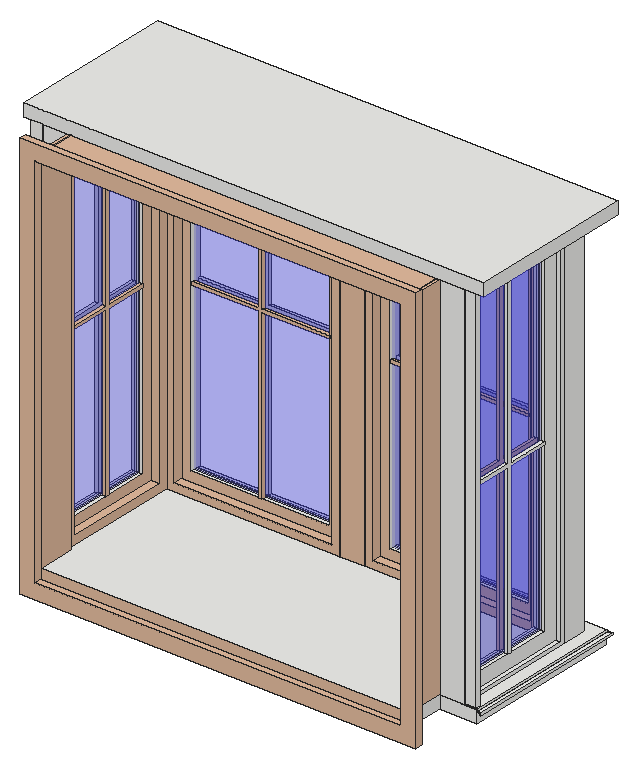
Revit family "M_Janela-compartimento-batente-caixa-ângulo de 90 graus", category Janelas, Revit 2019
Family settings
  Hospedeiro = Parede
  Número OmniClass = 23.30.20.21.11.11
  Título OmniClass = Bay Windows
  Sempre na vertical = Sim
  Corte com vazios quando carregada = Não
  Compartilhado = Não
  Ponto de cálculo do ambiente = Não
Parameters (values of type "1500 x 1500 x 600mm")
  Width = 1500 mm
  Espessura da parede [instance] = 150 mm
  Visual Light Transmittance = 0.9
  Largura da apara = Width + 203.2 mm  # 1703.2 mm
  Altura da moldura = Height  # 1500 mm
  Resistência térmica (R) = 0.271104 (m²·K)/W
  Solar Heat Gain Coefficient = 0.86
  Rough Width = Width + 15 mm  # 1515 mm
  Rough Height = Height + 15 mm  # 1515 mm
  Visibilidade do montante = yes
  Padrão do montante = M_Padrão do montante_2x2 : M_Padrão do montante_2x2
  Visibilidade do recorte interior [instance] = yes
  Material da apara interior = Madeira – Manchada
  Altura 1 = Height + 50.8 mm  # 1550.8 mm
  Height = 1500 mm
  Coeficiente de transferência de calor (U) = 3.6886 W/(m²·K)
  Classificação de incêndio = "0.5h"
  Visibilidade da apara externa [instance] = yes
  Material da apara externa = Revestimento – Branco
  Apara externa = M_Moldura-janela-compartimento-exterior-plana : com peitoril
  Linear = 600 mm
  Recorte interior = M_Moldura-janela-interior-plana : Quadro
  Material da moldura interior = Madeira – Manchada
  Material do painel de vidro = Vidro
  Material da moldura exterior = Revestimento – Branco
  Altura-padrão do peitoril = 600 mm
  Fechamento da parede = Por hospedeiro
  Código de montagem = "B2020100"
  Construção analítica = "Vidraça única Pilkington 1/8 pol"
Reference planes
  plane 1 "Centro (Frente/Trás)": y = 0
  plane 2: z = 0
  plane 3 "Centro (Esquerda/Direita)": x = 0
  plane 4 "Esquerda": x = -750
  plane 5 "Direita": x = 750
  plane 6 "Peitoril": z = 600
  plane 7 "Superior": z = 2150.8
  plane 8: y = 675
  plane 9 "Exterior": y = 75
  plane 10 "Interior": y = -75
  plane 11: z = 650.8
  plane 12: x = -851.6
  plane 13: x = 851.6
  plane 14: x = -788.1
  plane 15: x = 788.1
  plane 16: z = 2201.6
  plane 17: y = 573.4
  plane 18: x = -50.8
  plane 19: x = 50.8
  plane 20: x = -737.3
  plane 21: x = -63.5
  plane 22: x = 737.3
  plane 23: x = 718.25
  plane 24: y = 611.5
  plane 25: y = 655.95
  plane 26: x = 680.15
  plane 27: x = 63.5
  plane 28: x = -82.55
  plane 29: x = -718.25
  plane 30: y = 106.75
  plane 31: y = 87.7
  plane 32: y = 144.85
  plane 33: x = -832.55
  plane 34: y = 643.25
  plane 35: y = 636.9
  plane 36: y = 630.55
  plane 37: y = 624.2
  plane 38: x = -819.85
  plane 39: x = -813.5
  plane 40: x = -807.15
  plane 41: x = -800.8
  plane 42: x = 832.55
  plane 43: x = 819.85
  plane 44: x = 813.5
  plane 45: x = 807.15
  plane 46: x = 800.8
  plane 47: z = 1375.4
  plane 48: y = 633.725
  plane 49: x = -810.325
  plane 50: x = 810.325
  plane 51: z = 1400.8
  plane 52: z = 2138.1
  plane 53: x = 120.65
  plane 54: x = -120.65
  plane 55: x = -680.15
  plane 56: z = 2080.95
  plane 57: y = 503.55
  plane 58: y = 633.725
Forms (mm)
  Extrusion 1, solid, material "Revestimento – Branco" <- "Material da moldura exterior"
    sketch origin (0, 0, 600) x (0, -1, 0) y (1, 0, 0)
      loop
        line (-725.8, -902.4) -> (-75, -902.4) -> (-75, -750) -> (75, -750) -> (75, 750) -> (-75, 750) -> (-75, 902.4) -> (-725.8, 902.4) -> (-725.8, -902.4)
    from 0 to 50.8
  Extrusion 2, solid, material "Revestimento – Branco" <- "Material da moldura exterior"
    sketch origin (0, 0, 600) x (0, -1, 0) y (1, 0, 0)
      loop
        line (-751.2, -927.8) -> (-75, -927.8) -> (-75, 927.8) -> (-751.2, 927.8) -> (-751.2, -927.8)
    from 1550.8 to 1601.6
  Extrusion 3, solid, material "Revestimento – Branco" <- "Material da moldura exterior"
    sketch origin (0, 0, 600) x (0, -1, 0) y (1, 0, 0)
      loop
        line (-675, -851.6) -> (-573.4, -851.6) -> (-573.4, -750) -> (-675, -750) -> (-675, -851.6)
      loop
        line (-675, 750) -> (-573.4, 750) -> (-573.4, 851.6) -> (-675, 851.6) -> (-675, 750)
    from 50.8 to 1550.8
  Extrusion 4, solid, material "Revestimento – Branco" <- "Material da moldura exterior"
    sketch origin (0, 0, 600) x (0, -1, 0) y (1, 0, 0)
      loop
        line (-675, -50.8) -> (-573.4, -50.8) -> (-573.4, 50.8) -> (-675, 50.8) -> (-675, -50.8)
    from 50.8 to 1550.8
  Sweep 5, solid, material "Revestimento – Branco" <- "Material da moldura exterior"
    path origin (0, 0, 0) x (1, 0, 0) y (0, 0, 1)
      loop
        line (750, 650.8) -> (750, 2150.8) -> (50.8, 2150.8) -> (50.8, 650.8) -> (750, 650.8)
    profile origin (750, 0, 1400.8) x (-1, 0, 0) y (0, -1, 0)
      loop
        line (0, -675) -> (12.7, -675) -> (12.7, -611.5) -> (31.75, -611.5) -> (31.75, -573.4) -> (0, -573.4) -> (0, -675)
  Sweep 6, solid, material "Revestimento – Branco" <- "Material da moldura exterior"
    path origin (0, 0, 0) x (1, 0, 0) y (0, 0, 1)
      loop
        line (737.3, 2138.1) -> (63.5, 2138.1) -> (63.5, 663.5) -> (737.3, 663.5) -> (737.3, 2138.1)
    profile origin (737.3, 0, 1400.8) x (0, -1, 0) y (1, 0, 0)
      loop
        line (-655.95, 0) -> (-655.95, -57.15) -> (-611.5, -57.15) -> (-611.5, 0) -> (-655.95, 0)
  Sweep 7, solid, material "Revestimento – Branco" <- "Material da moldura exterior"
    path origin (0, 0, 0) x (1, 0, 0) y (0, 0, 1)
      loop
        line (-50.8, 2150.8) -> (-750, 2150.8) -> (-750, 650.8) -> (-50.8, 650.8) -> (-50.8, 2150.8)
    profile origin (-50.8, 0, 1400.8) x (0, -1, 0) y (1, 0, 0)
      loop
        line (-675, -12.7) -> (-611.5, -12.7) -> (-611.5, -31.75) -> (-573.4, -31.75) -> (-573.4, 0) -> (-675, 0) -> (-675, -12.7)
  Sweep 8, solid, material "Revestimento – Branco" <- "Material da moldura exterior"
    path origin (0, 0, 0) x (1, 0, 0) y (0, 0, 1)
      loop
        line (-63.5, 663.5) -> (-63.5, 2138.1) -> (-737.3, 2138.1) -> (-737.3, 663.5) -> (-63.5, 663.5)
    profile origin (-63.5, 0, 1400.8) x (-1, 0, 0) y (0, -1, 0)
      loop
        line (0, -655.95) -> (57.15, -655.95) -> (57.15, -611.5) -> (0, -611.5) -> (0, -655.95)
  Sweep 9, solid, material "Revestimento – Branco" <- "Material da moldura exterior"
    path origin (-750, 0, 0) x (0, -1, 0) y (0, 0, 1)
      loop
        line (-75, 650.8) -> (-75, 2150.8) -> (-573.4, 2150.8) -> (-573.4, 650.8) -> (-75, 650.8)
    profile origin (-750, 75, 1400.8) x (0, 1, 0) y (-1, 0, 0)
      loop
        line (12.7, 101.6) -> (0, 101.6) -> (0, 0) -> (31.75, 0) -> (31.75, 38.1) -> (12.7, 38.1) -> (12.7, 101.6)
  Sweep 10, solid, material "Revestimento – Branco" <- "Material da moldura exterior"
    path origin (-750, 0, 0) x (0, -1, 0) y (0, 0, 1)
      loop
        line (-560.7, 663.5) -> (-87.7, 663.5) -> (-87.7, 2138.1) -> (-560.7, 2138.1) -> (-560.7, 663.5)
    profile origin (-750, 560.7, 1400.8) x (0, 1, 0) y (-1, 0, 0)
      loop
        line (-57.15, 82.55) -> (-57.15, 38.1) -> (0, 38.1) -> (0, 82.55) -> (-57.15, 82.55)
  Sweep 11, solid, material "Revestimento – Branco" <- "Material da moldura exterior"
    path origin (750, 0, 0) x (0, -1, 0) y (0, 0, 1)
      loop
        line (-75, 650.8) -> (-75, 2150.8) -> (-573.4, 2150.8) -> (-573.4, 650.8) -> (-75, 650.8)
    profile origin (750, 75, 1400.8) x (0, 1, 0) y (-1, 0, 0)
      loop
        line (31.75, 0) -> (0, 0) -> (0, -101.6) -> (12.7, -101.6) -> (12.7, -38.1) -> (31.75, -38.1) -> (31.75, 0)
  Sweep 12, solid, material "Revestimento – Branco" <- "Material da moldura exterior"
    path origin (750, 0, 0) x (0, -1, 0) y (0, 0, 1)
      loop
        line (-560.7, 663.5) -> (-87.7, 663.5) -> (-87.7, 2138.1) -> (-560.7, 2138.1) -> (-560.7, 663.5)
    profile origin (750, 560.7, 1400.8) x (0, 1, 0) y (-1, 0, 0)
      loop
        line (0, -38.1) -> (-57.15, -38.1) -> (-57.15, -82.55) -> (0, -82.55) -> (0, -38.1)
  Extrusion 13, solid, material "Vidro" <- "Material do painel de vidro"
    sketch origin (0, 0, 600) x (0, -1, 0) y (1, 0, 0)
      loop
        line (-643.25, -680.15) -> (-636.9, -680.15) -> (-636.9, -120.65) -> (-643.25, -120.65) -> (-643.25, -680.15)
      loop
        line (-630.55, -680.15) -> (-624.2, -680.15) -> (-624.2, -120.65) -> (-630.55, -120.65) -> (-630.55, -680.15)
    from 120.65 to 1480.95
  Extrusion 14, solid, material "Vidro" <- "Material do painel de vidro"
    sketch origin (0, 0, 600) x (0, -1, 0) y (1, 0, 0)
      loop
        line (-643.25, 120.65) -> (-636.9, 120.65) -> (-636.9, 680.15) -> (-643.25, 680.15) -> (-643.25, 120.65)
      loop
        line (-630.55, 120.65) -> (-624.2, 120.65) -> (-624.2, 680.15) -> (-630.55, 680.15) -> (-630.55, 120.65)
    from 120.65 to 1480.95
  Extrusion 15, solid, material "Vidro" <- "Material do painel de vidro"
    sketch origin (0, 0, 600) x (0, -1, 0) y (1, 0, 0)
      loop
        line (-503.55, -819.85) -> (-144.85, -819.85) -> (-144.85, -813.5) -> (-503.55, -813.5) -> (-503.55, -819.85)
      loop
        line (-503.55, -807.15) -> (-144.85, -807.15) -> (-144.85, -800.8) -> (-503.55, -800.8) -> (-503.55, -807.15)
    from 120.65 to 1480.95
  Extrusion 16, solid, material "Vidro" <- "Material do painel de vidro"
    sketch origin (0, 0, 600) x (0, -1, 0) y (1, 0, 0)
      loop
        line (-503.55, 813.5) -> (-144.85, 813.5) -> (-144.85, 819.85) -> (-503.55, 819.85) -> (-503.55, 813.5)
      loop
        line (-503.55, 800.8) -> (-144.85, 800.8) -> (-144.85, 807.15) -> (-503.55, 807.15) -> (-503.55, 800.8)
    from 120.65 to 1480.95
  Sweep 17, solid, material "Revestimento – Branco" <- "Material da moldura exterior"
    path origin (965.2, 0, 0) x (1, 0, 0) y (0, 0, 1)
      loop
        line (-215.2, 2150.8) -> (-914.4, 2150.8) -> (-914.4, 650.8) -> (-215.2, 650.8) -> (-215.2, 2150.8)
    profile origin (750, 0, 1400.8) x (0, -1, 0) y (1, 0, 0)
      loop
        line (-675, -12.7) -> (-611.5, -12.7) -> (-611.5, -31.75) -> (-573.4, -31.75) -> (-573.4, 0) -> (-675, 0) -> (-675, -12.7)
  Sweep 18, solid, material "Revestimento – Branco" <- "Material da moldura exterior"
    path origin (965.2, 0, 0) x (1, 0, 0) y (0, 0, 1)
      loop
        line (-215.2, 2150.8) -> (-914.4, 2150.8) -> (-914.4, 650.8) -> (-215.2, 650.8) -> (-215.2, 2150.8)
    profile origin (750, 0, 1400.8) x (0, -1, 0) y (1, 0, 0)
      loop
        line (-675, -12.7) -> (-611.5, -12.7) -> (-611.5, -31.75) -> (-573.4, -31.75) -> (-573.4, 0) -> (-675, 0) -> (-675, -12.7)
  Sweep 19, solid, material "Revestimento – Branco" <- "Material da moldura exterior"
    path origin (750, 0, 0) x (0, -1, 0) y (0, 0, 1)
      loop
        line (-75, 650.8) -> (-75, 2150.8) -> (-573.4, 2150.8) -> (-573.4, 650.8) -> (-75, 650.8)
    profile origin (750, 75, 1400.8) x (0, 1, 0) y (-1, 0, 0)
      loop
        line (31.75, 0) -> (0, 0) -> (0, -101.6) -> (12.7, -101.6) -> (12.7, -38.1) -> (31.75, -38.1) -> (31.75, 0)
  Extrusion 20, solid, material "Madeira – Manchada" <- "Material da moldura interior", visible <- "Visibilidade do recorte interior"
    sketch origin (0, 0, 600) x (0, -1, 0) y (1, 0, 0)
      loop
        line (-75, -750) -> (75, -750) -> (75, -737.3) -> (-75, -737.3) -> (-75, -750)
      loop
        line (-75, 750) -> (-75, 737.3) -> (75, 737.3) -> (75, 750) -> (-75, 750)
    from 50.8 to 1550.8
  Extrusion 21, solid, material "Madeira – Manchada" <- "Material da moldura interior", visible <- "Visibilidade do recorte interior"
    sketch origin (0, 0, 600) x (0, -1, 0) y (1, 0, 0)
      loop
        line (75, -737.3) -> (75, 737.3) -> (-573.4, 737.3) -> (-573.4, -737.3) -> (75, -737.3)
    from 1538.1 to 1550.8
Lines and regions (mm)
  Opening 1
    outline origin (-1192.978, -75, 0) x (1, 0, 0) y (0, 0, 1)
      loop
        line (442.978, 2150.8) -> (442.978, 600) -> (1942.978, 600) -> (1942.978, 2150.8) -> (442.978, 2150.8)
  Split face 1
    outline origin (0, 0, 650.8) x (0, -1, 0) y (1, 0, 0)
      loop
        line (-75, -851.6) -> (-675, -851.6) -> (-675, 851.6) -> (-75, 851.6)
  Split face 2
    outline origin (832.55, 503.55, 720.65) x (0, 0, 1) y (-1, 0, 0)
      loop
        line (1360.3, 31.75) -> (0, 31.75)
  Split face 3
    outline origin (832.55, 144.85, 720.65) x (0, 1, 0) y (-1, 0, 0)
      loop
        line (358.7, 31.75) -> (0, 31.75)
  Split face 4
    outline origin (832.55, 144.85, 2080.95) x (0, 0, -1) y (-1, 0, 0)
      loop
        line (0, 31.75) -> (1360.3, 31.75)
  Split face 5
    outline origin (832.55, 503.55, 2080.95) x (-1, 0, 0) y (0, -1, 0)
      loop
        line (31.75, 0) -> (31.75, 358.7)
  Split face 6
    outline origin (-788.1, 503.55, 720.65) x (0, 0, 1) y (-1, 0, 0)
      loop
        line (1360.3, 12.7) -> (0, 12.7)
  Split face 7
    outline origin (-788.1, 144.85, 720.65) x (0, 1, 0) y (-1, 0, 0)
      loop
        line (358.7, 12.7) -> (0, 12.7)
  Split face 8
    outline origin (-788.1, 503.55, 2080.95) x (-1, 0, 0) y (0, -1, 0)
      loop
        line (12.7, 0) -> (12.7, 358.7)
  Split face 9
    outline origin (680.15, 655.95, 2080.95) x (0, 0, -1) y (0, -1, 0)
      loop
        line (0, 31.75) -> (1360.3, 31.75)
  Split face 10
    outline origin (680.15, 655.95, 720.65) x (-1, 0, 0) y (0, -1, 0)
      loop
        line (559.5, 31.75) -> (0, 31.75)
  Split face 11
    outline origin (120.65, 655.95, 720.65) x (0, 0, 1) y (0, -1, 0)
      loop
        line (1360.3, 31.75) -> (0, 31.75)
  Split face 12
    outline origin (120.65, 655.95, 2080.95) x (0, -1, 0) y (1, 0, 0)
      loop
        line (31.75, 0) -> (31.75, 559.5)
  Split face 13
    outline origin (-680.15, 611.5, 2080.95) x (0, 0, -1) y (0, 1, 0)
      loop
        line (1360.3, 12.7) -> (0, 12.7)
  Split face 14
    outline origin (-120.65, 611.5, 2080.95) x (0, 1, 0) y (-1, 0, 0)
      loop
        line (12.7, 559.5) -> (12.7, 0)
  Split face 15
    outline origin (-120.65, 611.5, 720.65) x (0, 0, 1) y (0, 1, 0)
      loop
        line (1360.3, 12.7) -> (0, 12.7)
  Split face 16
    outline origin (-680.15, 611.5, 720.65) x (1, 0, 0) y (0, 1, 0)
      loop
        line (0, 12.7) -> (559.5, 12.7)
  Masking region 1
    outline origin (0, 0, 600) x (0, -1, 0) y (1, 0, 0)
      loop
        line (-573.4, -750) -> (75, -750) -> (75, 750) -> (-573.4, 750) -> (-573.4, -750)
  Masking region 2
    outline origin (0, 0, 600) x (0, -1, 0) y (1, 0, 0)
      loop
        line (-675, -851.6) -> (-573.4, -851.6) -> (-573.4, -750) -> (-675, -750) -> (-675, -851.6)
      loop
        line (-675, -50.8) -> (-573.4, -50.8) -> (-573.4, 50.8) -> (-675, 50.8) -> (-675, -50.8)
      loop
        line (-675, 750) -> (-573.4, 750) -> (-573.4, 851.6) -> (-675, 851.6) -> (-675, 750)
  Split face 17
    outline origin (0, 0, 2150.8) x (0, -1, 0) y (1, 0, 0)
      loop
        line (-75, -788.1) -> (-573.4, -788.1) -> (-573.4, 750) -> (-75, 750)
  Masking region 3
    outline origin (0, 0, 0) x (0, 1, 0) y (0, 0, 1)
      loop
        line (-75, 2201.6) -> (-75, 2150.8) -> (-75, 650.8) -> (-75, 600) -> (725.8, 600) -> (725.8, 650.8) -> (573.4, 650.8) -> (573.4, 2150.8) -> (751.2, 2150.8) -> (751.2, 2201.6) -> (-75, 2201.6)
  symbolic lines, style "Giro da elevação"
    curve 1: line (63.5, 0, 2138.1) -> (737.3, 0, 1400.8)
    curve 2: line (737.3, 0, 1400.8) -> (63.5, 0, 663.5)
    curve 3: line (-63.5, 0, 2138.1) -> (-737.3, 0, 1400.8)
    curve 4: line (-737.3, 0, 1400.8) -> (-63.5, 0, 663.5)
    curve 5: line (-750, 573.4, 2150.8) -> (-750, 75, 1400.8)
    curve 6: line (-750, 75, 1400.8) -> (-750, 573.4, 650.8)
  symbolic lines, style "WindowsFrameMullionProjection"
    curve 7: line (0, 75, 2150.8) -> (0, 75, 650.8)
    curve 8: line (0, 144.85, 2080.95) -> (0, 503.55, 2080.95)
    curve 9: line (0, 144.85, 720.65) -> (0, 144.85, 2080.95)
    curve 10: line (0, 503.55, 720.65) -> (0, 144.85, 720.65)
    curve 11: line (0, 503.55, 2080.95) -> (0, 503.55, 720.65)
    curve 12: line (0, 573.4, 2150.8) -> (0, -75, 2150.8)
    curve 13: line (0, 573.4, 650.8) -> (0, -75, 650.8)
Text (mm)
  text "EXTERIOR" at (-1490.695, 1293.036, 0), in view "Nível de referência"
  text "INTERIOR" at (-1490.695, -959.266, 0), in view "Nível de referência"
  text "Exterior" at (0, 1108.87, 3129.179), in view "Esquerda"
  text "Exterior" at (0, 464.664, 3176.206), in view "Direita"
Dimensions and locks
  equal spacing: plane 4 "Esquerda", plane 3 "Centro (Esquerda/Direita)", plane 5 "Direita"
  "Width": plane 4 "Esquerda" to plane 5 "Direita"
  "Altura 1": plane 6 "Peitoril" to plane 7 "Superior"
  "Altura-padrão do peitoril": plane 2 to plane 6 "Peitoril"
  "Linear": plane 8 to plane 9 "Exterior"
  locked: plane 6 "Peitoril" to plane 11 at 50.8
  locked: plane 8 to plane 17 at 101.6
  "Espessura da parede": plane 9 "Exterior" to plane 10 "Interior"
  Extrusion 2 sketch curve to plane 12 = 76.2 mm
  plane 13 to Extrusion 2 sketch curve = 76.2 mm
  plane 8 to Extrusion 2 sketch curve = 76.2 mm
  locked: plane 8 to plane 25 at 19.05
  locked: plane 25 to plane 24 at 44.45
  locked: plane 4 "Esquerda" to plane 20 at 12.7
  locked: plane 20 to plane 29 at 19.05
  locked: plane 12 to plane 4 "Esquerda" at 101.6
  locked: plane 30 to plane 9 "Exterior" at 31.75
  locked: plane 31 to plane 9 "Exterior" at 12.7
  locked: plane 32 to plane 31 at 57.15
  locked: plane 33 to plane 14 at 44.45
  equal spacing: plane 18, plane 3 "Centro (Esquerda/Direita)", plane 19
  locked: plane 19 to plane 27 at 12.7
  locked: plane 21 to plane 18 at 12.7
  locked: plane 28 to plane 21 at 19.05
  locked: plane 3 "Centro (Esquerda/Direita)" to plane 19 at 50.8
  locked: plane 5 "Direita" to plane 15 at 38.1
  locked: plane 15 to plane 13 at 63.5
  locked: plane 22 to plane 5 "Direita" at 12.7
  locked: plane 23 to plane 22 at 19.05
  locked: plane 26 to plane 23 at 38.1
  locked: plane 14 to plane 4 "Esquerda" at 38.1
  locked: Sweep 10 sketch curve to plane 14 at 44.45
  locked: Sweep 10 sketch curve to profile plane at 57.15
  locked: plane 25 to plane 34 at 12.7
  locked: plane 34 to plane 35 at 6.35
  locked: plane 35 to plane 36 at 6.35
  locked: plane 36 to plane 37 at 6.35
  Extrusion 14 sketch curve to Extrusion 14 sketch curve to Extrusion 14 sketch curve = 6.35 mm, 6.35 mm
  locked: plane 33 to plane 38 at 12.7
  locked: plane 38 to plane 39 at 6.35
  locked: plane 39 to plane 40 at 6.35
  locked: plane 40 to plane 41 at 6.35
  locked: plane 42 to plane 13 at 19.05
  locked: plane 43 to plane 42 at 12.7
  locked: plane 44 to plane 43 at 6.35
  locked: plane 45 to plane 44 at 6.35
  locked: plane 46 to plane 45 at 6.35
  Extrusion 16 sketch curve to Extrusion 16 sketch curve to Extrusion 16 sketch curve = 6.35 mm, 6.35 mm
  locked: Extrusion 1 sketch curve to plane 12 at 50.8
  locked: plane 8 to Extrusion 1 sketch curve at 50.8
  locked: plane 13 to Extrusion 1 sketch curve at 50.8
  equal spacing: plane 6 "Peitoril", plane 47, plane 7 "Superior"
  equal spacing: plane 35, plane 48, plane 36
  equal spacing: plane 40, plane 49, plane 39
  equal spacing: plane 44, plane 50, plane 45
  locked: plane 7 "Superior" to plane 16 at 50.8
  locked: Extrusion 20 sketch curve to plane 5 "Direita" at 12.7
  locked: Extrusion 21 sketch curve to plane 5 "Direita" at 12.7
  Extrusion 13 to Extrusion 21 = 1417.45 mm
  locked: plane 7 "Superior" to plane 52 at 12.7
  equal spacing: plane 11, plane 51, plane 7 "Superior"
  locked: plane 27 to plane 53 at 57.15
  locked: plane 21 to plane 54 at 57.15
  locked: plane 20 to plane 55 at 57.15
  locked: plane 56 to plane 52 at 57.15
  locked: plane 17 to plane 57 at 69.85
  equal spacing: plane 35, plane 58, plane 36
  aligned and locked: plane 7 "Superior" to Opening 1 sketch curve
  aligned and locked: plane 6 "Peitoril" to Opening 1 sketch curve  (x2)
  aligned and locked: plane 5 "Direita" to Opening 1 sketch curve
  aligned and locked: plane 4 "Esquerda" to Opening 1 sketch curve
  aligned and locked: level to plane 2
  aligned and locked: host wall to plane 9 "Exterior"
  aligned and locked: plane 10 "Interior" to host wall
  aligned and locked: host wall to Extrusion 1 sketch curve
  aligned and locked: plane 11 to Extrusion 1
  aligned and locked: Extrusion 1 sketch curve to plane 9 "Exterior"  (x2)
  aligned and locked: Extrusion 2 to host wall
  aligned and locked: plane 16 to Extrusion 2
  aligned and locked: Extrusion 3 sketch curve to plane 17  (x2)
  aligned and locked: Extrusion 3 sketch curve to plane 4 "Esquerda"
  aligned and locked: plane 8 to Extrusion 3 sketch curve
  aligned and locked: plane 5 "Direita" to Extrusion 3 sketch curve
  aligned and locked: plane 13 to Extrusion 3 sketch curve
  aligned and locked: Extrusion 3 to host wall
  aligned and locked: Extrusion 3 to Extrusion 1
  aligned and locked: plane 8 to Extrusion 4 sketch curve
  aligned and locked: Extrusion 4 sketch curve to plane 18
  aligned and locked: Extrusion 4 sketch curve to plane 17
  aligned and locked: Extrusion 4 sketch curve to plane 19
  aligned and locked: Extrusion 4 to host wall
  aligned and locked: Extrusion 4 to Extrusion 1
  aligned and locked: Extrusion 4 to Sweep 5 sketch curve
  aligned and locked: plane 7 "Superior" to Sweep 5 sketch curve
  aligned and locked: plane 5 "Direita" to Sweep 5 sketch curve
  aligned and locked: Sweep 5 sketch curve to plane 22
  aligned and locked: Sweep 5 sketch curve to plane 23
  aligned and locked: plane 24 to Sweep 5 sketch curve
  aligned and locked: Sweep 5 sketch curve to plane 17
  aligned and locked: plane 8 to Sweep 5 sketch curve
  aligned and locked: Sweep 6 sketch curve to plane 25
  aligned and locked: Sweep 6 sketch curve to plane 22
  aligned and locked: plane 24 to Sweep 6 sketch curve
  aligned and locked: plane 26 to Sweep 6 sketch curve
  aligned and locked: plane 18 to Sweep 7 sketch curve
  aligned and locked: Sweep 7 sketch curve to plane 11
  aligned and locked: plane 4 "Esquerda" to Sweep 7 sketch curve
  aligned and locked: Sweep 7 sketch curve to plane 7 "Superior"
  aligned and locked: plane 8 to Sweep 7 sketch curve
  aligned and locked: Extrusion 4 to Sweep 7 sketch curve
  aligned and locked: Sweep 7 sketch curve to Extrusion 4
  aligned and locked: Sweep 7 sketch curve to plane 28
  aligned and locked: plane 24 to Sweep 7 sketch curve
  aligned and locked: plane 21 to Sweep 7 sketch curve
  aligned and locked: Sweep 8 sketch curve to Sweep 7  (x4)
  aligned and locked: plane 25 to Sweep 8 sketch curve
  aligned and locked: plane 21 to Sweep 8 sketch curve
  aligned and locked: Sweep 8 sketch curve to plane 24
  aligned and locked: host wall to plane 1 "Centro (Frente/Trás)"
  aligned and locked: host wall to Sweep 9 sketch curve
  aligned and locked: Extrusion 1 to Sweep 9 sketch curve
  aligned and locked: Sweep 9 sketch curve to plane 7 "Superior"
  aligned and locked: plane 17 to Sweep 9 sketch curve
  aligned and locked: Extrusion 3 to Sweep 11 sketch curve
  aligned and locked: plane 7 "Superior" to Sweep 11 sketch curve
  aligned and locked: plane 9 "Exterior" to Sweep 11 sketch curve  (x2)
  aligned and locked: Sweep 11 sketch curve to plane 17
  aligned and locked: Sweep 11 sketch curve to plane 5 "Direita"
  aligned and locked: Sweep 11 sketch curve to plane 30
  aligned and locked: plane 15 to Sweep 11 sketch curve
  aligned and locked: Sweep 11 sketch curve to plane 31
  aligned and locked: Sweep 11 sketch curve to plane 13
  aligned and locked: Sweep 6 sketch curve to Sweep 5  (x2)
  aligned and locked: Sweep 6 sketch curve to plane 27
  aligned and locked: plane 22 to Sweep 6 sketch curve
  aligned and locked: Sweep 9 sketch curve to plane 31
  aligned and locked: Sweep 9 sketch curve to plane 30
  aligned and locked: profile plane to Sweep 9 sketch curve
  aligned and locked: plane 14 to Sweep 9 sketch curve
  aligned and locked: Sweep 9 sketch curve to plane 12
  aligned and locked: Sweep 12 sketch curve to plane 15
  aligned and locked: Sweep 5 sketch curve to plane 19
  aligned and locked: plane 14 to Sweep 10 sketch curve
  aligned and locked: Sweep 10 sketch curve to profile plane
  aligned and locked: plane 34 to Extrusion 13 sketch curve
  aligned and locked: Extrusion 13 sketch curve to Sweep 8  (x4)
  aligned and locked: Extrusion 13 sketch curve to plane 35
  aligned and locked: plane 36 to Extrusion 13 sketch curve
  aligned and locked: plane 37 to Extrusion 13 sketch curve
  aligned and locked: plane 34 to Extrusion 14 sketch curve
  aligned and locked: Extrusion 14 sketch curve to Sweep 6  (x2)
  aligned and locked: Extrusion 14 sketch curve to plane 35
  aligned and locked: plane 26 to Extrusion 14 sketch curve  (x2)
  aligned and locked: Extrusion 14 to Sweep 6  (x2)
  aligned and locked: Extrusion 13 to Sweep 8  (x2)
  aligned and locked: Extrusion 15 sketch curve to Sweep 10  (x4)
  aligned and locked: Extrusion 15 sketch curve to plane 38
  aligned and locked: plane 39 to Extrusion 15 sketch curve
  aligned and locked: Extrusion 15 sketch curve to plane 40
  aligned and locked: plane 41 to Extrusion 15 sketch curve
  aligned and locked: Extrusion 15 to Sweep 12  (x2)
  aligned and locked: plane 42 to Sweep 12 sketch curve
  aligned and locked: Extrusion 16 sketch curve to Sweep 12  (x2)
  aligned and locked: Extrusion 16 sketch curve to plane 32  (x2)
  aligned and locked: plane 43 to Extrusion 16 sketch curve
  aligned and locked: plane 45 to Extrusion 16 sketch curve
  aligned and locked: Extrusion 16 to Extrusion 15  (x2)
  aligned and locked: plane 12 to Extrusion 3 sketch curve
  aligned and locked: Extrusion 3 sketch curve to plane 8
  aligned and locked: Sweep 8 to nested 1
  aligned and locked: plane 7 "Superior" to Extrusion 2
  aligned and locked: Extrusion 2 to plane 16
  aligned and locked: Extrusion 16 to nested 2
  aligned and locked: plane 12 to Split face 1 sketch curve
  aligned and locked: Split face 1 sketch curve to plane 8
  aligned and locked: Split face 1 sketch curve to plane 13
  aligned and locked: plane 50 to nested 3
  aligned and locked: nested 2 to plane 49
  aligned and locked: Sweep 10 sketch curve to Sweep 9
  aligned and locked: Extrusion 15 to Sweep 10
  aligned and locked: plane 46 to Split face 2 sketch curve
  aligned and locked: Split face 3 sketch curve to plane 46
  aligned and locked: plane 46 to Split face 4 sketch curve
  aligned and locked: Split face 5 sketch curve to plane 46
  aligned and locked: plane 41 to Split face 6 sketch curve
  aligned and locked: Split face 7 sketch curve to plane 41
  aligned and locked: Split face 8 sketch curve to plane 41
  aligned and locked: plane 37 to Split face 9 sketch curve
  aligned and locked: Split face 10 sketch curve to plane 37
  aligned and locked: plane 37 to Split face 11 sketch curve
  aligned and locked: Split face 12 sketch curve to plane 37
  aligned and locked: Split face 13 sketch curve to plane 37
  aligned and locked: Split face 14 sketch curve to plane 37
  aligned and locked: plane 37 to Split face 15 sketch curve
  aligned and locked: Split face 16 sketch curve to plane 37
  aligned and locked: plane 10 "Interior" to Masking region 1 sketch curve
  aligned and locked: Masking region 1 sketch curve to plane 4 "Esquerda"
  aligned and locked: plane 5 "Direita" to Masking region 1 sketch curve
  aligned and locked: Masking region 1 sketch curve to Sweep 5
  aligned and locked: Masking region 2 sketch curve to Extrusion 1  (x2)
  aligned and locked: Sweep 7 to Masking region 2 sketch curve  (x2)
  aligned and locked: Masking region 2 sketch curve to Sweep 9
  aligned and locked: Masking region 2 sketch curve to Extrusion 4  (x2)
  aligned and locked: Sweep 5 to Masking region 2 sketch curve  (x2)
  aligned and locked: Masking region 2 sketch curve to Extrusion 3  (x2)
  aligned and locked: Masking region 2 sketch curve to Sweep 11
  aligned and locked: Sweep 18 sketch curve to plane 8
  aligned and locked: plane 17 to Sweep 18 sketch curve
  aligned and locked: plane 17 to Sweep 17 sketch curve
  aligned and locked: nested 3 to Extrusion 15
  aligned and locked: plane 14 to Split face 17 sketch curve
  aligned and locked: plane 5 "Direita" to Split face 17 sketch curve
  aligned and locked: Split face 17 sketch curve to plane 17
  aligned and locked: Sweep 18 to Sweep 18
  aligned and locked: Sweep 7 to Sweep 7
  aligned and locked: plane 28 to Sweep 7
  aligned and locked: nested 4 to plane 8
  aligned and locked: nested 4 to Sweep 7  (x2)
  aligned and locked: nested 5 to plane 19
  aligned and locked: nested 5 to Sweep 18
  aligned and locked: plane 8 to nested 5
  aligned and locked: nested 6 to Extrusion 3
  aligned and locked: plane 12 to nested 6
  aligned and locked: host wall to nested 6
  aligned and locked: nested 7 to plane 9 "Exterior"
  aligned and locked: plane 5 "Direita" to nested 7
  aligned and locked: nested 7 to plane 17
  aligned and locked: nested 8 to host wall
  aligned and locked: plane 3 "Centro (Esquerda/Direita)" to nested 8
  aligned and locked: Sweep 19 sketch curve to plane 5 "Direita"
  aligned and locked: Sweep 19 sketch curve to plane 30
  aligned and locked: plane 15 to Sweep 19 sketch curve
  aligned and locked: Sweep 19 sketch curve to plane 31
  aligned and locked: Sweep 19 sketch curve to plane 13
  aligned and locked: plane 9 "Exterior" to Sweep 19 sketch curve
  aligned and locked: plane 11 to nested 8
  aligned and locked: plane 51 to curve 4
  aligned and locked: nested 9 to Extrusion 14
  aligned and locked: plane 20 to Extrusion 20 sketch curve
  aligned and locked: Extrusion 20 sketch curve to plane 4 "Esquerda"
  aligned and locked: Extrusion 20 sketch curve to plane 9 "Exterior"
  aligned and locked: plane 10 "Interior" to Extrusion 20 sketch curve
  aligned and locked: Extrusion 20 sketch curve to plane 5 "Direita"
  aligned and locked: plane 9 "Exterior" to Extrusion 20 sketch curve
  aligned and locked: Extrusion 20 sketch curve to plane 10 "Interior"
  aligned and locked: Extrusion 20 to plane 11
  aligned and locked: Extrusion 20 to plane 7 "Superior"
  aligned and locked: Extrusion 21 sketch curve to plane 20
  aligned and locked: Extrusion 21 sketch curve to plane 10 "Interior"
  aligned and locked: plane 17 to Extrusion 21 sketch curve
  aligned and locked: Extrusion 21 to plane 7 "Superior"
  aligned and locked: Extrusion 21 to plane 52
  aligned and locked: plane 52 to curve 1
  aligned and locked: plane 27 to curve 1
  aligned and locked: plane 52 to curve 3
  aligned and locked: plane 21 to curve 3
  aligned and locked: plane 51 to curve 2
  aligned and locked: plane 22 to curve 2
  aligned and locked: plane 20 to curve 4
  aligned and locked: curve 2 to Sweep 18
  aligned and locked: plane 27 to curve 2
  aligned and locked: plane 21 to curve 4
  aligned and locked: Sweep 7 to curve 4
  aligned and locked: Masking region 3 sketch curve to plane 16
  aligned and locked: Masking region 3 sketch curve to Extrusion 2
  aligned and locked: Masking region 3 sketch curve to plane 7 "Superior"
  aligned and locked: Masking region 3 sketch curve to plane 10 "Interior"
  aligned and locked: plane 6 "Peitoril" to Masking region 3 sketch curve
  aligned and locked: Masking region 3 sketch curve to Extrusion 1
  aligned and locked: plane 11 to Masking region 3 sketch curve
  aligned and locked: plane 17 to Masking region 3 sketch curve
  aligned and locked: curve 7 to plane 9 "Exterior"
  aligned and locked: plane 11 to curve 13
  aligned and locked: curve 12 to plane 7 "Superior"
  aligned and locked: curve 8 to Sweep 10
  aligned and locked: curve 11 to Sweep 10
  aligned and locked: plane 32 to curve 9
  aligned and locked: curve 10 to Sweep 10
  aligned and locked: plane 17 to curve 13
  aligned and locked: plane 51 to curve 6
  aligned and locked: plane 9 "Exterior" to curve 6
  aligned and locked: plane 17 to curve 5
  aligned and locked: plane 7 "Superior" to curve 5
  aligned and locked: plane 26 to nested 9
  aligned and locked: nested 9 to plane 53
  aligned and locked: nested 1 to plane 54
  aligned and locked: nested 1 to plane 55
  aligned and locked: plane 56 to nested 1
  aligned and locked: nested 9 to plane 56
  aligned and locked: nested 2 to plane 56
  aligned and locked: nested 3 to plane 56
  aligned and locked: plane 32 to nested 2
  aligned and locked: nested 3 to plane 32
  aligned and locked: plane 57 to nested 3
  aligned and locked: nested 2 to plane 57
  aligned and locked: nested 1 to plane 58
  aligned and locked: plane 58 to nested 9
  aligned and locked: plane 7 "Superior" to nested 10
  aligned and locked: plane 3 "Centro (Esquerda/Direita)" to nested 10
Automatic sketch dimensions
  Extrusion 1 sketch curve to plane 4 "Esquerda" = 0 mm
  Extrusion 1 sketch curve to plane 5 "Direita" = 0 mm
  Extrusion 2 sketch curve to host wall = 0 mm
  Sweep 5 sketch curve to profile plane = 0 mm
  Sweep 8 sketch curve to profile plane = 57.15 mm
  profile plane to Sweep 9 sketch curve = 0 mm
  Sweep 10 sketch curve to plane 31 = 0 mm
  Sweep 10 sketch curve to plane 17 = 12.7 mm
  plane 11 to Sweep 10 sketch curve = 12.7 mm
  Sweep 12 sketch curve to plane 31 = 0 mm
  Sweep 12 sketch curve to plane 17 = 12.7 mm
  plane 11 to Sweep 12 sketch curve = 12.7 mm
  plane 7 "Superior" to Sweep 12 sketch curve = 12.7 mm
  profile plane to Sweep 12 sketch curve = 0 mm
  Sweep 12 sketch curve to Sweep 12 sketch curve = 57.15 mm
  Extrusion 1 to Split face 1 sketch curve = 0 mm  (x2)
  Split face 2 sketch curve to Sweep 12 = 0 mm  (x2)
  Split face 3 sketch curve to Sweep 12 = 0 mm
  Sweep 12 to Split face 3 sketch curve = 0 mm
  Split face 4 sketch curve to Sweep 12 = 0 mm  (x2)
  Sweep 12 to Split face 5 sketch curve = 0 mm
  Split face 5 sketch curve to Sweep 12 = 0 mm
  Split face 6 sketch curve to Sweep 10 = 0 mm  (x2)
  Split face 7 sketch curve to Sweep 10 = 0 mm
  Sweep 10 to Split face 7 sketch curve = 0 mm
  Sweep 10 to Split face 8 sketch curve = 0 mm
  Split face 8 sketch curve to Sweep 10 = 0 mm
  Sweep 6 to Split face 9 sketch curve = 0 mm
  Split face 9 sketch curve to Sweep 6 = 0 mm
  Split face 10 sketch curve to Sweep 6 = 0 mm  (x2)
  Split face 11 sketch curve to Sweep 6 = 0 mm
  Sweep 6 to Split face 11 sketch curve = 0 mm
  Split face 12 sketch curve to Sweep 6 = 0 mm  (x2)
  Sweep 8 to Split face 13 sketch curve = 0 mm
  Split face 13 sketch curve to Sweep 8 = 0 mm
  Split face 14 sketch curve to Sweep 8 = 0 mm  (x2)
  Split face 15 sketch curve to Sweep 8 = 0 mm
  Sweep 8 to Split face 15 sketch curve = 0 mm
  Split face 16 sketch curve to Sweep 8 = 0 mm  (x2)
  Sweep 17 sketch curve to plane 7 "Superior" = 0 mm
  plane 19 to Sweep 17 sketch curve = 0 mm
  plane 5 "Direita" to Sweep 17 sketch curve = 0 mm
  Sweep 17 sketch curve to plane 11 = 0 mm
  Sweep 17 sketch curve to profile plane = 0 mm
  Sweep 17 sketch curve to Sweep 17 sketch curve = 38.1 mm
  profile plane to Sweep 17 sketch curve = 12.7 mm
  Sweep 17 sketch curve to Sweep 17 sketch curve = 63.5 mm
  profile plane to Sweep 17 sketch curve = 31.75 mm
  Sweep 18 sketch curve to plane 7 "Superior" = 0 mm
  plane 19 to Sweep 18 sketch curve = 0 mm
  plane 5 "Direita" to Sweep 18 sketch curve = 0 mm
  Sweep 18 sketch curve to plane 11 = 0 mm
  Sweep 18 sketch curve to profile plane = 0 mm
  profile plane to Sweep 18 sketch curve = 12.7 mm
  Sweep 18 sketch curve to Sweep 18 sketch curve = 38.1 mm
  profile plane to Sweep 18 sketch curve = 31.75 mm
  Extrusion 2 to Split face 17 sketch curve = 0 mm  (x2)
  Sweep 19 sketch curve to plane 11 = 0 mm
  Sweep 19 sketch curve to plane 17 = 0 mm
  Sweep 19 sketch curve to plane 9 "Exterior" = 0 mm
  Sweep 19 sketch curve to plane 7 "Superior" = 0 mm
  curve 12 to host wall = 0 mm
  curve 13 to host wall = 0 mm
  curve 12 to plane 17 = 0 mm
  curve 6 to plane 11 = 0 mm
  curve 6 to plane 17 = 0 mm
  plane 7 "Superior" to Masking region 3 sketch curve = 0 mm
  Masking region 3 sketch curve to plane 11 = 0 mm
Nested families
  nested 1: "M_Padrão do montante_2x2" at (-400.4, 633.725, 720.65), Material externo <- "Material da moldura exterior", Material interior <- "Material da moldura interior", visible <- "Visibilidade do montante", type <- "Padrão do montante", type "M_Padrão do montante_2x2"
    with Largura 559.5 mm, Material interior Madeira – Manchada, Altura 1360.3 mm, Material externo Revestimento – Branco
  nested 2: "M_Padrão do montante_2x2" at (-810.325, 324.2, 720.65) x (0, -1, 0) z (0, 0, 1), Material externo <- "Material da moldura exterior", Material interior <- "Material da moldura interior", visible <- "Visibilidade do montante", type <- "Padrão do montante", type "M_Padrão do montante_2x2"
    with Largura 358.7 mm, Material interior Madeira – Manchada, Altura 1360.3 mm, Material externo Revestimento – Branco
  nested 3: "M_Padrão do montante_2x2" at (810.325, 324.2, 720.65) x (0, 1, 0) z (0, 0, 1), Material externo <- "Material da moldura exterior", Material interior <- "Material da moldura interior", type <- "Padrão do montante", visible <- "Visibilidade do montante", type "M_Padrão do montante_2x2"
    with Largura 358.7 mm, Material interior Madeira – Manchada, Altura 1360.3 mm, Material externo Revestimento – Branco
  nested 4: "M_Plano-compartimento-batente" at (-400.4, 675, 650.8), Height <- "Altura da moldura", type "M_Plano-compartimento-batente"
    with Width 699.2 mm, RH no, LH no, Height 1500 mm
  nested 5: "M_Plano-compartimento-batente" at (400.4, 675, 650.8) x (-1, 0, 0) z (0, 0, 1), Height <- "Altura da moldura", type "M_Plano-compartimento-batente"
    with Width 699.2 mm, RH no, LH no, Height 1500 mm
  nested 6: "M_Plano-compartimento-batente" at (-851.6, 324.2, 650.8) x (0, 1, 0) z (0, 0, 1), type "M_Plano-compartimento-batente"
    with Width 498.4 mm, RH no, LH no, Height 1219.2 mm
  nested 7: "M_Plano-compartimento-batente" at (851.6, 324.2, 650.8) x (0, 1, 0) z (0, 0, 1), type "M_Plano-compartimento-batente"
    with Width 498.4 mm, RH no, LH no, Height 1219.2 mm
  nested 8: "M_Moldura-janela-compartimento-exterior-plana" at (0, 75, 650.8), Altura <- "Height", Largura <- "Largura da apara", type <- "Apara externa", visible <- "Visibilidade da apara externa", Linear <- "Linear", type "com peitoril"
    with Largura 1703.2 mm, Altura 1500 mm, Linear 600 mm
  nested 9: "M_Padrão do montante_2x2" at (400.4, 633.725, 720.65) x (-1, 0, 0) z (0, 0, 1), Material externo <- "Material da moldura exterior", Material interior <- "Material da moldura interior", visible <- "Visibilidade do montante", type <- "Padrão do montante", type "M_Padrão do montante_2x2"
    with Largura 559.5 mm, Material interior Madeira – Manchada, Altura 1360.3 mm, Material externo Revestimento – Branco
  nested 10: "M_Moldura-janela-interior-plana" at (0, -75, 2150.8) x (1, 0, 0) z (0, -1, 0), visible <- "Visibilidade do recorte interior", Material da apara <- "Material da apara interior", Largura da abertura <- "Width", Altura da abertura <- "Altura 1", type <- "Recorte interior", type "Quadro"
    with Material da apara Madeira – Manchada, Largura da abertura 1500 mm, Altura da abertura 1550.8 mm
Definition of nested family "M_Padrão do montante_2x2"
  Parameters (values of type "M_Padrão do montante_2x2")
    Largura [instance] = 1200 mm
    Espessura = 12.7 mm
    Altura [instance] = 1200 mm
    Material interior [instance] = none
    Material externo [instance] = none
    Distância = 19.05 mm
  Reference planes
    plane 1 "Centro (Frente/Trás)": y = 0
    plane 2: z = 0
    plane 3 "Centro (Esquerda/Direita)": x = 0
    plane 4: z = 1200
    plane 5: x = -600
    plane 6: x = 600
    plane 7: z = 600
    plane 8: y = 9.525
    plane 9: y = 22.225
    plane 10: y = -9.525
    plane 11: y = -22.225
  Forms (mm)
    Extrusion 1, solid, material <- "Material interior", detail levels fine
      sketch origin (0, 0, 0) x (1, 0, 0) y (0, 0, 1)
        loop
          line (-600, 606.35) -> (-600, 593.65) -> (-6.35, 593.65) -> (-6.35, 0) -> (6.35, 0) -> (6.35, 593.65) -> (600, 593.65) -> (600, 606.35) -> (6.35, 606.35) -> (6.35, 1200) -> (-6.35, 1200) -> (-6.35, 606.35) -> (-600, 606.35)
      from 9.525 to 22.225
    Extrusion 2, solid, material <- "Material externo", detail levels fine
      sketch origin (0, 0, 0) x (1, 0, 0) y (0, 0, -1)
        loop
          line (-600, -606.35) -> (-6.35, -606.35) -> (-6.35, -1200) -> (6.35, -1200) -> (6.35, -606.35) -> (600, -606.35) -> (600, -593.65) -> (6.35, -593.65) -> (6.35, 0) -> (-6.35, 0) -> (-6.35, -593.65) -> (-600, -593.65) -> (-600, -606.35)
      from 9.525 to 22.225
  Lines and regions (mm)
    model lines, detail levels medium
      curve 1: line (0, 9.525, 1200) -> (0, 9.525, 0)
      curve 2: line (-600, -9.525, 600) -> (600, -9.525, 600)
      curve 3: line (-600, 9.525, 600) -> (600, 9.525, 600)
      curve 4: line (0, -9.525, 1200) -> (0, -9.525, 0)
  Dimensions and locks
    equal spacing: plane 6, plane 3 "Centro (Esquerda/Direita)", plane 5
    "Largura": plane 6 to plane 5
    "Altura": plane 4 to plane 2
    equal spacing: plane 4, plane 7, plane 2
    locked: plane 3 "Centro (Esquerda/Direita)" to Extrusion 1 sketch curve at 6.35  (x4)
    locked: Extrusion 1 sketch curve to plane 7 at 6.35  (x2)
    locked: plane 7 to Extrusion 1 sketch curve at 6.35  (x2)
    "Espessura": plane 9 to plane 8
    "Espessura": plane 10 to plane 11
    "Distância": plane 8 to plane 10
    equal spacing: plane 8, plane 1 "Centro (Frente/Trás)", plane 10
    aligned and locked: plane 2 to level
    aligned and locked: plane 4 to curve 1
    aligned and locked: plane 5 to curve 2
    aligned and locked: plane 2 to curve 1
    aligned and locked: plane 6 to curve 2
    aligned and locked: Extrusion 1 sketch curve to plane 4
    aligned and locked: Extrusion 1 sketch curve to plane 6
    aligned and locked: Extrusion 1 sketch curve to plane 5
    aligned and locked: Extrusion 1 sketch curve to level
    aligned and locked: Extrusion 1 to plane 11
    aligned and locked: plane 10 to Extrusion 1
    aligned and locked: Extrusion 2 to plane 5
    aligned and locked: plane 6 to Extrusion 2
    aligned and locked: Extrusion 2 to plane 8
    aligned and locked: plane 9 to Extrusion 2
    aligned and locked: Extrusion 2 to plane 2
    aligned and locked: plane 4 to Extrusion 2
    aligned and locked: plane 5 to curve 3
    aligned and locked: plane 6 to curve 3
    aligned and locked: plane 4 to curve 4
    aligned and locked: plane 2 to curve 4
    aligned and locked: plane 8 to curve 3
  Automatic sketch dimensions
    curve 2 to plane 7 = 0 mm
    Extrusion 2 sketch curve to plane 5 = 0 mm
    Extrusion 2 sketch curve to level = 0 mm
    Extrusion 2 sketch curve to plane 4 = 0 mm
    Extrusion 2 sketch curve to plane 6 = 0 mm
    Extrusion 2 sketch curve to plane 3 "Centro (Esquerda/Direita)" = 6.35 mm  (x2)
    plane 3 "Centro (Esquerda/Direita)" to Extrusion 2 sketch curve = 6.35 mm  (x2)
    plane 7 to Extrusion 2 sketch curve = 6.35 mm  (x2)
    Extrusion 2 sketch curve to plane 7 = 6.35 mm  (x2)
    curve 4 to plane 3 "Centro (Esquerda/Direita)" = 0 mm
    curve 4 to level = 0 mm
    curve 4 to plane 4 = 0 mm
    curve 3 to plane 6 = 0 mm
    curve 1 to plane 3 "Centro (Esquerda/Direita)" = 0 mm
    curve 3 to plane 5 = 0 mm
    curve 3 to plane 7 = 0 mm
Definition of nested family "M_Moldura-janela-compartimento-exterior-plana"
  Parameters (values of type "com peitoril")
    Peitoril = yes
    Largura [instance] = 1700 mm
    Material = none
    Quadro = no
    Altura [instance] = 1200 mm
    Linear [instance] = 900 mm
  Types (2, lengths in mm): name | Peitoril | Quadro
    com peitoril | yes | no
    Quadro | no | yes
  Reference planes
    plane 1 "Centro (Frente/Trás)": y = 0
    plane 2: z = 0
    plane 3 "Centro (Esquerda/Direita)": x = 0
    plane 4: x = -900.8
    plane 5: x = 900.8
    plane 6: y = 950.8
    plane 7: x = -850
    plane 8: z = 1200
    plane 9: x = -894.45
    plane 10: x = 850
    plane 11: x = 894.45
    plane 12: z = 1155.55
    plane 13: y = 19.05
    plane 14: z = 600
    plane 15: y = 900
    plane 16: y = 31.75
  Forms (mm)
    Sweep 1, solid, material <- "Material", visible <- "Peitoril"
      path origin (0, 0, 0) x (1, 0, 0) y (0, 1, 0)
        loop
          line (-900.8, 0) -> (-900.8, 950.8) -> (900.8, 950.8) -> (900.8, 0)
      profile origin (-900.8, 475.4, 0) x (-1, 0, 0) y (0, 0, 1)
        loop
          line (12.497, -9.534) -> (12.497, -15.673) -> (10.135, -15.673) -> (10.135, -17.133) -> (14.097, -17.133) -> (14.097, -8.191) -> (1.397, -5.952) -> (1.397, 2.749) -> (-50.8, 2.749) -> (-50.8, 0) -> (0, 0) -> (0, -7.33) -> (12.497, -9.534)
    Extrusion 2, solid, material <- "Material", visible <- "Peitoril"
      sketch origin (0, 0, 0) x (1, 0, 0) y (0, 0, 1)
        loop
          line (-894.45, 2.749) -> (-850, 2.749) -> (-850, 1200) -> (-894.45, 1200) -> (-894.45, 2.749)
        loop
          line (894.45, 1200) -> (850, 1200) -> (850, 2.749) -> (894.45, 2.749) -> (894.45, 1200)
      from -19.05 to 0
    Sweep 3, solid, material <- "Material", visible <- "Quadro"
      path origin (0, 0, 0) x (1, 0, 0) y (0, 1, 0)
        loop
          line (-900.8, 0) -> (-900.8, 950.8) -> (900.8, 950.8) -> (900.8, 0)
      profile origin (-900.8, 475.4, 0) x (-1, 0, 0) y (0, 0, 1)
        loop
          line (-50.8, 2.749) -> (-50.8, 0) -> (0, 0) -> (0, -17.133) -> (1.397, -17.133) -> (1.397, 2.749) -> (-50.8, 2.749)
    Extrusion 4, solid, material <- "Material", visible <- "Quadro"
      sketch origin (0, 0, 0) x (1, 0, 0) y (0, 0, 1)
        loop
          line (-894.45, 2.749) -> (-850, 2.749) -> (-850, 1200) -> (-894.45, 1200) -> (-894.45, 2.749)
        loop
          line (894.45, 2.749) -> (894.45, 1200) -> (850, 1200) -> (850, 2.749) -> (894.45, 2.749)
      from -31.75 to 0
  Dimensions and locks
    equal spacing: plane 4, plane 3 "Centro (Esquerda/Direita)", plane 5
    equal spacing: Sweep 1 sketch curve, Sweep 1 sketch curve, Sweep 1 sketch curve, Sweep 1 sketch curve
    locked: plane 7 to plane 4 at 50.8
    "Altura": plane 8 to plane 2
    locked: plane 8 to plane 12 at 44.45
    locked: plane 13 to plane 1 "Centro (Frente/Trás)" at 19.05
    locked: plane 10 to plane 5 at 50.8
    locked: plane 7 to plane 9 at 44.45
    locked: plane 10 to plane 11 at 44.45
    equal spacing: plane 8, plane 14, plane 2
    "Largura": plane 7 to plane 10
    "Linear": plane 15 to plane 1 "Centro (Frente/Trás)"
    locked: plane 6 to plane 15 at 50.8
    locked: plane 16 to plane 1 "Centro (Frente/Trás)" at 31.75
    aligned and locked: plane 2 to level
    aligned and locked: plane 4 to Sweep 1 sketch curve
    aligned and locked: Sweep 1 sketch curve to plane 6
    aligned and locked: Sweep 1 sketch curve to plane 5
    aligned and locked: profile plane to Sweep 1 sketch curve
    aligned and locked: plane 7 to Sweep 1 sketch curve
    aligned and locked: Extrusion 2 sketch curve to Sweep 1  (x2)
    aligned and locked: Extrusion 2 sketch curve to plane 9
    aligned and locked: Extrusion 2 sketch curve to plane 8
    aligned and locked: plane 7 to Extrusion 2 sketch curve
    aligned and locked: Extrusion 2 sketch curve to plane 10
    aligned and locked: Extrusion 2 to plane 13
    aligned and locked: plane 1 "Centro (Frente/Trás)" to Extrusion 2
    aligned and locked: Sweep 3 sketch curve to plane 5
    aligned and locked: plane 4 to Sweep 3 sketch curve
    aligned and locked: Sweep 3 sketch curve to plane 6
    aligned and locked: Sweep 3 sketch curve to plane 7
    aligned and locked: Sweep 3 sketch curve to plane 4
    aligned and locked: Extrusion 4 sketch curve to Extrusion 2  (x4)
    aligned and locked: Extrusion 4 sketch curve to plane 10
    aligned and locked: Extrusion 4 sketch curve to plane 11
    aligned and locked: plane 8 to Extrusion 4 sketch curve
    aligned and locked: plane 16 to Extrusion 4
    aligned and locked: plane 1 "Centro (Frente/Trás)" to Extrusion 4
  Automatic sketch dimensions
    plane 1 "Centro (Frente/Trás)" to Sweep 1 sketch curve = 0 mm  (x2)
    Sweep 1 sketch curve to profile plane = 1.397 mm
    Sweep 1 sketch curve to profile plane = 10.135 mm
    Sweep 1 sketch curve to Sweep 1 sketch curve = 2.362 mm
    Sweep 1 sketch curve to Sweep 1 sketch curve = 1.6 mm
    Sweep 1 sketch curve to level = 8.191 mm
    Sweep 1 sketch curve to Sweep 1 sketch curve = 1.343 mm
    Sweep 1 sketch curve to Sweep 1 sketch curve = 6.139 mm
    Sweep 1 sketch curve to Sweep 1 sketch curve = 1.46 mm
    level to Sweep 1 sketch curve = 2.749 mm
    Sweep 1 sketch curve to profile plane = 0 mm
    Sweep 1 sketch curve to level = 5.952 mm
    Sweep 1 sketch curve to Sweep 1 sketch curve = 1.379 mm
    plane 11 to Extrusion 2 sketch curve = 0 mm
    Extrusion 2 sketch curve to plane 8 = 0 mm
    plane 1 "Centro (Frente/Trás)" to Sweep 3 sketch curve = 0 mm  (x2)
    Sweep 3 sketch curve to level = 0 mm
    Sweep 3 sketch curve to profile plane = 1.397 mm
    Sweep 3 sketch curve to level = 17.133 mm
    level to Sweep 3 sketch curve = 2.749 mm
    level to Extrusion 4 sketch curve = 2.749 mm
Definition of nested family "M_Moldura-janela-interior-plana"
  Parameters (values of type "com peitoril")
    Espessura da apara_Quadro = 30 mm
    Largura da apara = 60 mm
    Espessura da apara_com peitoril = 20 mm
    Material da apara [instance] = none
    Espessura do peitoril = 30 mm
    Peitoril = yes
    Quadro = no
    Largura da abertura [instance] = 600 mm
    Altura da abertura [instance] = 900 mm
    Default Elevation = 1200 mm
  Types (2, lengths in mm): name | Peitoril | Quadro
    com peitoril | yes | no
    Quadro | no | yes
  Reference planes
    plane 1 "Centro (Frente/Trás)": y = 0
    plane 2: z = 0
    plane 3 "Centro (Esquerda/Direita)": x = 0
    plane 4: y = 47.3
    plane 5 "Esquerda": x = -300
    plane 6 "Direita": x = 300
    plane 7 "Inferior": y = -900
    plane 8: y = -930
    plane 9: y = -980.432
    plane 10: x = 347.3
    plane 11: x = -347.3
    plane 12: z = 20
    plane 13: z = 30
    plane 14: x = 360
    plane 15: x = -360
    plane 16: y = -920.432
    plane 17: y = -947.3
    plane 18: z = 12.7
    plane 19: x = -287.3
    plane 20: y = -12.7
    plane 21: x = 287.3
    plane 22: y = -887.3
    plane 23: x = -334.6
    plane 24: x = 334.6
    plane 25: y = -450
  Forms (mm)
    Extrusion 1, solid
      sketch origin (0, 0, 0) x (1, 0, 0) y (0, 1, 0)
        loop
          line (-349.25, 44.45) -> (-349.25, -958.85) -> (349.25, -958.85) -> (349.25, 44.45) -> (-349.25, 44.45)
      from 0 to -304.8
    Extrusion 2, solid, material <- "Material da apara", visible <- "Peitoril"
      sketch origin (0, 0, 0) x (1, 0, 0) y (0, 1, 0)
        loop
          line (-334.6, -900) -> (-287.3, -900) -> (-287.3, 0) -> (287.3, 0) -> (287.3, -900) -> (334.6, -900) -> (334.6, 47.3) -> (-334.6, 47.3) -> (-334.6, -900)
      from 0 to 20
    Extrusion 3, solid, material <- "Material da apara", visible <- "Peitoril"
      sketch origin (0, 0, 0) x (0, 1, 0) y (0, 0, 1)
        loop
          line (-912.7, 39.05) -> (-920.432, 39.05) -> (-920.432, 0) -> (-900, 0) -> (-900, 26.35)
          arc (-900, 26.35) -> (-903.72, 35.33) -> (-912.7, 39.05) r 12.7
      from -347.3 to 347.3
    Extrusion 4, solid, material <- "Material da apara", visible <- "Peitoril"
      sketch origin (0, 0, 0) x (1, 0, 0) y (0, 1, 0)
        loop
          line (-334.6, -920.432) -> (-334.6, -980.432) -> (334.6, -980.432) -> (334.6, -920.432) -> (-334.6, -920.432)
      from 0 to 20
    Extrusion 5, solid, material <- "Material da apara", visible <- "Quadro"
      sketch origin (0, 0, 0) x (1, 0, 0) y (0, 1, 0)
        loop
          line (-287.3, -12.7) -> (-287.3, -887.3) -> (287.3, -887.3) -> (287.3, -12.7) -> (-287.3, -12.7)
        loop
          line (-347.3, 47.3) -> (-347.3, -947.3) -> (347.3, -947.3) -> (347.3, 47.3) -> (-347.3, 47.3)
      from 0 to 30
  Dimensions and locks
    equal spacing: plane 5 "Esquerda", plane 3 "Centro (Esquerda/Direita)", plane 6 "Direita"
    "Largura da abertura": plane 5 "Esquerda" to plane 6 "Direita"
    "Altura da abertura": plane 7 "Inferior" to plane 1 "Centro (Frente/Trás)"
    "Espessura do peitoril": plane 7 "Inferior" to plane 8
    "Largura da apara": plane 11 to plane 19
    "Largura da apara": plane 21 to plane 10
    "Largura da apara": plane 20 to plane 4
    "Espessura da apara_com peitoril": plane 12 to plane 2
    locked: plane 15 to plane 11 at 12.7
    locked: plane 10 to plane 14 at 12.7
    locked: plane 16 to plane 8 at 9.568
    "Largura da apara": plane 9 to plane 16
    "Largura da apara": plane 17 to plane 22
    plane 20 to plane 1 "Centro (Frente/Trás)" = 12.7 mm
    plane 5 "Esquerda" to plane 19 = 12.7 mm
    plane 21 to plane 6 "Direita" = 12.7 mm
    plane 22 to plane 7 "Inferior" = 12.7 mm
    locked: plane 11 to plane 23 at 12.7
    locked: plane 24 to plane 10 at 12.7
    equal spacing: plane 7 "Inferior", plane 25, plane 1 "Centro (Frente/Trás)"
    "Espessura da apara_Quadro": plane 13 to plane 2
    locked: Extrusion 3 to plane 12 at 19.05
    locked: plane 12 to Extrusion 3 sketch curve at 19.05
    radius of Extrusion 3 sketch curve = 12.7 mm
    aligned and locked: plane 2 to Extrusion 1
    aligned and locked: level to Extrusion 1
    aligned and locked: plane 7 "Inferior" to Extrusion 2 sketch curve  (x2)
    aligned and locked: plane 1 "Centro (Frente/Trás)" to Extrusion 2 sketch curve
    aligned and locked: plane 12 to Extrusion 2
    aligned and locked: Extrusion 3 sketch curve to level
    aligned and locked: plane 7 "Inferior" to Extrusion 3 sketch curve
    aligned and locked: plane 16 to Extrusion 4 sketch curve
    aligned and locked: plane 9 to Extrusion 4 sketch curve
    aligned and locked: Extrusion 2 sketch curve to plane 4
    aligned and locked: Extrusion 5 sketch curve to plane 4
    aligned and locked: Extrusion 5 sketch curve to plane 17
    aligned and locked: plane 10 to Extrusion 5 sketch curve
    aligned and locked: Extrusion 5 sketch curve to plane 11
    aligned and locked: plane 13 to Extrusion 5
    aligned and locked: Extrusion 5 sketch curve to plane 20
    aligned and locked: Extrusion 5 sketch curve to plane 19
    aligned and locked: Extrusion 5 sketch curve to plane 21
    aligned and locked: plane 22 to Extrusion 5 sketch curve
    aligned and locked: Extrusion 4 to plane 24
    aligned and locked: plane 11 to Extrusion 3
    aligned and locked: Extrusion 3 to plane 10
    aligned and locked: Extrusion 2 sketch curve to plane 21
    aligned and locked: Extrusion 2 sketch curve to plane 24
    aligned and locked: Extrusion 2 sketch curve to plane 19
    aligned and locked: Extrusion 2 sketch curve to plane 23
    aligned and locked: plane 12 to Extrusion 4
  Automatic sketch dimensions
    Extrusion 1 sketch curve to Extrusion 1 sketch curve = 698.5 mm
    Extrusion 1 sketch curve to Extrusion 1 sketch curve = 1003.3 mm
    Extrusion 3 sketch curve to plane 16 = 0 mm
    Extrusion 4 sketch curve to plane 11 = 12.7 mm
    Extrusion 4 sketch curve to plane 24 = 0 mm
Definition of nested family "M_Plano-compartimento-batente"
  Parameters (values of type "M_Plano-compartimento-batente")
    Width [instance] = 1200 mm
    RH [instance] = yes
    LH [instance] = yes
    Height [instance] = 1200 mm
    Default Elevation = 1200 mm
    Analytic Construction = "<Nenhum>"
  Reference planes
    plane 1 "Centro (Frente/Trás)": y = 0
    plane 2: z = 0
    plane 3 "Centro (Esquerda/Direita)": x = 0
    plane 4: x = -600
    plane 5: x = 600
    plane 6: y = -101.6
    plane 7: x = -587.3
    plane 8: x = -568.25
    plane 9: y = -19.05
    plane 10: y = -63.5
    plane 11: y = -41.275
    plane 12: x = -530.15
    plane 13: x = 587.3
    plane 14: x = 568.25
    plane 15: x = 530.15
    plane 16: z = 1200
    plane 17: z = 1187.3
    plane 18: z = 1168.25
    plane 19: z = 1130.15
    plane 20: z = 12.7
    plane 21: z = 31.75
    plane 22: z = 69.85
  Lines and regions (mm)
    Masking region 1
      outline origin (0, 0, 0) x (1, 0, 0) y (0, 1, 0)
        loop
          line (-600, 0) -> (-600, -101.6) -> (-568.25, -101.6) -> (568.25, -101.6) -> (600, -101.6) -> (600, 0) -> (587.3, 0) -> (-587.3, 0) -> (-600, 0)
    Masking region 2
      outline origin (0, 0, 0) x (0, 1, 0) y (0, 0, 1)
        loop
          line (-101.6, 1200) -> (-101.6, 1168.25) -> (-101.6, 31.75) -> (-101.6, 0) -> (0, 0) -> (0, 12.7) -> (0, 1187.3) -> (0, 1200) -> (-101.6, 1200)
    symbolic lines
      curve 1: line (-587.3, 0, 0) -> (-587.3, -19.05, 0)
      curve 2: line (-587.3, -63.5, 0) -> (-568.25, -63.5, 0)
      curve 3: line (-568.25, -63.5, 0) -> (-568.25, -101.6, 0)
      curve 4: line (-587.3, -19.05, 0) -> (-587.3, -63.5, 0)
      curve 5: line (-587.3, -19.05, 0) -> (-530.15, -19.05, 0)
      curve 6: line (-530.15, -19.05, 0) -> (-530.15, -63.5, 0)
      curve 7: line (-530.15, -63.5, 0) -> (-568.25, -63.5, 0)
      curve 8: line (-530.15, -41.275, 0) -> (530.15, -41.275, 0)
      curve 9: line (587.3, 0, 0) -> (587.3, -19.05, 0)
      curve 10: line (587.3, -63.5, 0) -> (568.25, -63.5, 0)
      curve 11: line (568.25, -63.5, 0) -> (568.25, -101.6, 0)
      curve 12: line (587.3, -19.05, 0) -> (587.3, -63.5, 0)
      curve 13: line (587.3, -19.05, 0) -> (530.15, -19.05, 0)
      curve 14: line (530.15, -19.05, 0) -> (530.15, -63.5, 0)
      curve 15: line (530.15, -63.5, 0) -> (568.25, -63.5, 0)
      curve 20: line (0, 0, 1187.3) -> (0, -63.5, 1187.3)
      curve 21: line (0, -63.5, 1187.3) -> (0, -63.5, 1130.15)
      curve 22: line (0, -63.5, 1168.25) -> (0, -101.6, 1168.25)
      curve 23: line (0, -19.05, 1187.3) -> (0, -19.05, 1130.15)
      curve 24: line (0, -19.05, 1130.15) -> (0, -63.5, 1130.15)
      curve 25: line (0, 0, 12.7) -> (0, -63.5, 12.7)
      curve 26: line (0, -63.5, 12.7) -> (0, -63.5, 69.85)
      curve 27: line (0, -63.5, 31.75) -> (0, -101.6, 31.75)
      curve 28: line (0, -63.5, 69.85) -> (0, -19.05, 69.85)
      curve 29: line (0, -19.05, 69.85) -> (0, -19.05, 12.7)
      curve 30: line (0, -41.275, 1130.15) -> (0, -41.275, 69.85)
